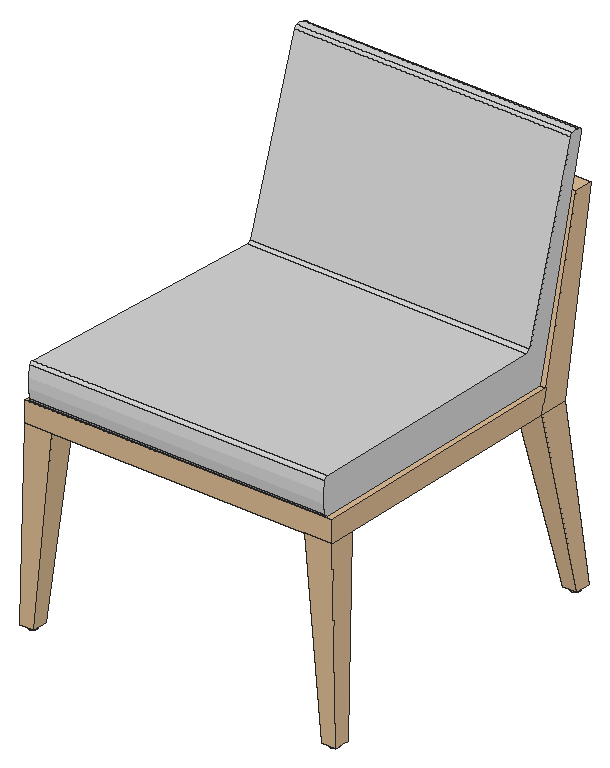
Revit family
Parameters
  Width = 1' - 9 1/2"  # constant formula
  URL = "http://elanbydecca.com/"
  Upholstery [instance] = Furniture - DECCA (Elan) - Rottet - Upholstery
  Base [instance] = Furniture - DECCA (Elan) - Rottet - Side Chair Base
  Product URL = "http://elanbydecca.com/PDFs/elan_tearsheet-rottet.pdf"
  Model = "LR SC750"
  Manufacturer = "Decca Contract"
  Height = 2' - 4 1/2"  # constant formula
  Description = "Rottet Side Chair"
  Depth = 1' - 11 179/256"  # constant formula
  Assembly Description = "Furniture & Accessories"
  Assembly Code = "E2020200"
Reference planes (in)
  plane 1 "Center Front/Back": y = -0.7524
  plane 2: z = 0
  plane 3 "Center Left/Right": x = 0
  plane 4 "L": x = -10.75
  plane 5 "R": x = 10.75
  plane 6 "F": y = -12.60201
  plane 7: y = 11.09721
  plane 8: through (-6.25338, 2.33237, 23.38953) normal (0.4297, -0.4297, 0.7941)
  plane 9: z = 28.5
  plane 10: z = 24.75
  plane 11: z = 17
  plane 12: x = -11.25
  plane 13: x = -10.40898
  plane 14: x = -9.40898
  plane 15: x = -10.11841
  plane 16: x = -8.21527
  plane 17: z = 0.25
  plane 18: z = 12.99161
  plane 19: z = 12.49132
  plane 20: x = 11.25
  plane 21: x = 10.40898
  plane 22: x = 9.40898
  plane 23: x = 10.11841
  plane 24: x = 8.21527
  plane 25: z = 25.02331
Forms (in)
  Blend 1, solid, material "Furniture - DECCA (Elan) - Rottet - Side Chair Base" <- "Base"
    base sketch origin (0, 0, 8.32075) x (0, -1, 0) y (1, 0, 0)
      loop
        line (-10.24054, -10.47625) -> (-9.24054, -10.47625) -> (-9.24054, -9.48874) -> (-10.24054, -9.48874) -> (-10.24054, -10.47625)
    top sketch origin (0, 0, 8.32075) x (0, -1, 0) y (1, 0, 0)
      loop
        line (-6.523, -8.28254) -> (-8.53951, -8.28254) -> (-8.53951, -10.18568) -> (-6.523, -10.18568) -> (-6.523, -8.28254)
    from -8.07075 to 4.17057
  Blend 2, solid, material "Furniture - DECCA (Elan) - Rottet - Side Chair Base" <- "Base"
    base sketch origin (0, 0, 16.66189) x (1, 0, 0) y (0, 1, 0)
      loop
        line (-9.94202, 11.09721) -> (-9.94202, 9.79926) -> (-8.28254, 9.79926) -> (-8.28254, 11.09721) -> (-9.94202, 11.09721)
    top sketch origin (0, 0, 16.66189) x (1, 0, 0) y (0, 1, 0)
      loop
        line (-8.28254, 6.523) -> (-8.28254, 8.53951) -> (-10.18568, 8.53951) -> (-10.18568, 6.523) -> (-8.28254, 6.523)
    from 8.36143 to -4.17057
  Blend 3, solid, material "Furniture - DECCA (Elan) - Rottet - Side Chair Base" <- "Base"
    base sketch origin (0, 0, 8.32075) x (0, 1, 0) y (-1, 0, 0)
      loop
        line (10.24054, -10.47625) -> (10.24054, -9.48874) -> (9.24054, -9.48874) -> (9.24054, -10.47625) -> (10.24054, -10.47625)
    top sketch origin (0, 0, 8.32075) x (0, 1, 0) y (-1, 0, 0)
      loop
        line (6.523, -8.28254) -> (6.523, -10.18568) -> (8.53951, -10.18568) -> (8.53951, -8.28254) -> (6.523, -8.28254)
    from -8.07075 to 4.17057
  Blend 4, solid, material "Furniture - DECCA (Elan) - Rottet - Side Chair Base" <- "Base"
    base sketch origin (0, 0, 16.66189) x (-1, 0, 0) y (0, -1, 0)
      loop
        line (-9.94202, -11.09721) -> (-8.28254, -11.09721) -> (-8.28254, -9.79926) -> (-9.94202, -9.79926) -> (-9.94202, -11.09721)
    top sketch origin (0, 0, 16.66189) x (-1, 0, 0) y (0, -1, 0)
      loop
        line (-8.28254, -6.523) -> (-10.18568, -6.523) -> (-10.18568, -8.53951) -> (-8.28254, -8.53951) -> (-8.28254, -6.523)
    from 8.36143 to -4.17057
  Extrusion 5, solid, material "Furniture - DECCA (Elan) - Rottet - Side Chair Base" <- "Base"
    sketch origin (8.28254, 10.44823, 25.02331) x (0, 1, 0) y (0, 0, -1)
      loop
        line (-3.92524, 12.532) -> (-0.64898, 0) -> (0.64898, 0) -> (-1.90872, 12.532) -> (-3.92524, 12.532)
    from 0 to 16.56507
  Blend 6, solid, material "Furniture - DECCA (Elan) - Rottet - Side Chair Base" <- "Base"
    base sketch origin (0, 0, 8.32075) x (0, -1, 0) y (1, 0, 0)
      loop
        line (12.60201, -11.06803) -> (12.60201, -10.08043) -> (11.60265, -10.08043) -> (11.60265, -11.06803) -> (12.60201, -11.06803)
    top sketch origin (0, 0, 8.32075) x (0, -1, 0) y (1, 0, 0)
      loop
        line (10.72917, -8.85947) -> (10.72917, -10.69226) -> (12.60201, -10.75) -> (12.60201, -8.85947) -> (10.72917, -8.85947)
    from -8.07075 to 4.67086
  Blend 7, solid, material "Furniture - DECCA (Elan) - Rottet - Side Chair Base" <- "Base"
    base sketch origin (0, 0, 8.32075) x (0, 1, 0) y (-1, 0, 0)
      loop
        line (-12.60201, -11.06803) -> (-11.60265, -11.06803) -> (-11.60265, -10.08043) -> (-12.60201, -10.08043) -> (-12.60201, -11.06803)
    top sketch origin (0, 0, 8.32075) x (0, 1, 0) y (-1, 0, 0)
      loop
        line (-10.72917, -8.85947) -> (-12.60201, -8.85947) -> (-12.60201, -10.75) -> (-10.72917, -10.69226) -> (-10.72917, -8.85947)
    from -8.07075 to 4.67086
  Extrusion 8, solid, material "Furniture - DECCA (Elan) - Rottet - Side Chair Base" <- "Base"
    sketch origin (0, 0, 0) x (0, 1, 0) y (0, 0, 1)
      loop
        line (-12.60201, 12.99161) -> (6.523, 12.49132) -> (6.91416, 13.98754) -> (-12.60201, 14.48767) -> (-12.60201, 12.99161)
    from -10.75 to 10.75
  Extrusion 9, void
    sketch origin (0, 0, 8.32075) x (0, -1, 0) y (1, 0, 0)
      loop
        line (12.60201, -10.75) -> (-11.09721, -10.03961) -> (-11.09721, -11.25) -> (12.60201, -11.25) -> (12.60201, -10.75)
      loop
        line (12.60201, 10.75) -> (12.60201, 11.25) -> (-11.09721, 11.25) -> (-11.09721, 10.03961) -> (12.60201, 10.75)
    from 4.17057 to 12
  Extrusion 10, solid, material "Furniture - DECCA (Elan) - Rottet - Upholstery" <- "Upholstery"
    sketch origin (0, 0, 0) x (0, 1, 0) y (0, 0, 1)
      loop
        line (6.91416, 13.98754) -> (10.64104, 28.24323)
        arc (10.64104, 28.24323) -> (10.60529, 28.44795) -> (10.4271, 28.5549) r 0.25
        arc (10.4271, 28.5549) -> (10.16201, 28.56471) -> (9.89843, 28.5348) r 1.77073
        arc (9.89843, 28.5348) -> (9.77964, 28.47657) -> (9.70719, 28.36588) r 0.25
        line (9.70719, 28.36588) -> (5.94929, 16.7041)
        arc (5.94929, 16.7041) -> (5.85593, 16.57683) -> (5.70493, 16.53085) r 0.25
        line (5.70493, 16.53085) -> (-12.41039, 16.99509)
        arc (-12.41039, 16.99509) -> (-12.56625, 16.94558) -> (-12.65816, 16.81031) r 0.25
        arc (-12.65816, 16.81031) -> (-12.79954, 15.73856) -> (-12.65539, 14.66718) r 4.09286
        arc (-12.65539, 14.66718) -> (-12.56849, 14.53623) -> (-12.4206, 14.48302) r 0.25
        line (-12.4206, 14.48302) -> (6.91416, 13.98754)
    from -10.75 to 10.75
  Extrusion 11, void
    sketch origin (0.29057, 0, 8.32075) x (0, -1, 0) y (1, 0, 0)
      loop
        line (13.59642, -10.65481) -> (-11.09721, -9.91461) -> (-11.09721, -12.17683) -> (13.59642, -12.17683) -> (13.59642, -10.65481)
      loop
        line (13.59642, 10.07367) -> (13.59642, 11.89802) -> (-11.09721, 11.89802) -> (-11.09721, 9.33348) -> (13.59642, 10.07367)
    from 4.17057 to 27.94524
  Extrusion 12, void
    sketch origin (0, 0, 0) x (0, 1, 0) y (0, 0, 1)
      loop
        line (-12.82027, 12.99732) -> (-10.57027, 12.93846) -> (-10.57027, 13.46848) -> (-12.82027, 13.46848) -> (-12.82027, 12.99732)
    from -12.52453 to 12
  Revolve 13, solid, material "Furniture - DECCA (Elan) - Rottet - Side Chair Base" <- "Base"
    sketch origin (0, -12.10233, 0) x (1, 0, 0) y (0, 0, 1)
      loop
        line (-10.57423, 0) -> (-10.57423, 0.25) -> (-10.88673, 0.25) -> (-10.88673, 0.09487)
        arc (-10.88673, 0.09487) -> (-10.85894, 0.02779) -> (-10.79186, 0) r 0.09487
        line (-10.79186, 0) -> (-10.57423, 0)
      axis (-10.57423, 0.25) -> (-10.57423, 0)
    angle from 0 to 360
  Revolve 14, solid, material "Furniture - DECCA (Elan) - Rottet - Side Chair Base" <- "Base"
    sketch origin (0, -12.10233, 0) x (-1, 0, 0) y (0, 0, 1)
      loop
        line (-10.57423, 0) -> (-10.57423, 0.25) -> (-10.88673, 0.25) -> (-10.88673, 0.09487)
        arc (-10.88673, 0.09487) -> (-10.85894, 0.02779) -> (-10.79186, 0) r 0.09487
        line (-10.79186, 0) -> (-10.57423, 0)
      axis (-10.57423, 0.25) -> (-10.57423, 0)
    angle from 0 to 360
  Revolve 15, solid, material "Furniture - DECCA (Elan) - Rottet - Side Chair Base" <- "Base"
    sketch origin (0.59174, 9.74054, 0) x (1, 0, 0) y (0, 0, 1)
      loop
        line (-10.57423, 0) -> (-10.57423, 0.25) -> (-10.88673, 0.25) -> (-10.88673, 0.09487)
        arc (-10.88673, 0.09487) -> (-10.85894, 0.02779) -> (-10.79186, 0) r 0.09487
        line (-10.79186, 0) -> (-10.57423, 0)
      axis (-10.57423, 0.25) -> (-10.57423, 0)
    angle from 0 to 360
  Revolve 16, solid, material "Furniture - DECCA (Elan) - Rottet - Side Chair Base" <- "Base"
    sketch origin (-0.59174, 9.74054, 0) x (-1, 0, 0) y (0, 0, 1)
      loop
        line (-10.57423, 0) -> (-10.57423, 0.25) -> (-10.88673, 0.25) -> (-10.88673, 0.09487)
        arc (-10.88673, 0.09487) -> (-10.85894, 0.02779) -> (-10.79186, 0) r 0.09487
        line (-10.79186, 0) -> (-10.57423, 0)
      axis (-10.57423, 0.25) -> (-10.57423, 0)
    angle from 0 to 360
Cuts and joins
  Extrusion 9 cuts Extrusion 5
  joined: Blend 2, Blend 4, Extrusion 5
  Extrusion 9 cuts Blend 1
  joined: Blend 1, Revolve 15
  Extrusion 9 cuts Extrusion 8
  Extrusion 11 cuts Blend 3
  joined: Blend 3, Revolve 16
  Extrusion 11 cuts Extrusion 10
  Extrusion 12 cuts Blend 7
  joined: Blend 7, Revolve 14
  Extrusion 12 cuts Blend 6
  joined: Blend 6, Revolve 13
Dimensions and locks (in)
  equal spacing: plane 4 "L", plane 3 "Center Left/Right", plane 5 "R"
  equal spacing: plane 7, plane 1 "Center Front/Back", plane 6 "F"
  "Width": plane 4 "L" to plane 5 "R"
  "Depth": plane 7 to plane 6 "F"
  "Height": plane 9 to level
  plane 10 to level = 2' - 0 3/4"
  plane 11 to level = 1' - 5"
  locked: plane 12 to plane 4 "L" at 0.5
  plane 4 "L" to plane 13 to plane 15 to plane 14 to plane 16 = 0' - 0.34102" locked, 0' - 0.29057" locked, 0' - 0.70943" locked, 0' - 1.19371" locked
  locked: plane 18 to level at 12.99161
  locked: plane 19 to level at 12.49132
  plane 21 to plane 23 to plane 22 to plane 24 = 0' - 0.29057" locked, 0' - 0.70943" locked, 0' - 1.19371" locked
  locked: plane 5 "R" to plane 20 at 0.5
Automatic sketch dimensions
  Blend 1 sketch curve to plane 14 = 0' - 0.07976"
  Blend 1 sketch curve to plane 7 = 0' - 0.85667"
  Blend 1 sketch curve to plane 13 = 0' - 0.06726"
  Blend 1 sketch curve to Blend 1 sketch curve = 0' - 1"
  Blend 1 sketch curve to plane 16 = 0' - 0.06726"
  Blend 1 sketch curve to plane 7 = 0' - 2.5577"
  Blend 1 sketch curve to Blend 1 sketch curve = 0' - 2.01651"
  Blend 1 sketch curve to plane 15 = 0' - 0.06727"
  Blend 2 sketch curve to plane 7 = 0' - 0"
  plane 15 to Blend 2 sketch curve = 0' - 0.17639"
  Blend 2 sketch curve to plane 16 = 0' - 0.06726"  (x2)
  Blend 2 sketch curve to Blend 2 sketch curve = 0' - 1.29795"
  Blend 2 sketch curve to plane 15 = 0' - 0.06727"
  Blend 2 sketch curve to plane 7 = 0' - 4 147/256"
  Blend 2 sketch curve to Blend 2 sketch curve = 0' - 2.01651"
  Blend 3 sketch curve to plane 21 = 0' - 0.06726"
  Blend 3 sketch curve to plane 7 = 0' - 1.85667"
  Blend 3 sketch curve to plane 7 = 0' - 0.85667"
  Blend 3 sketch curve to plane 22 = 0' - 0.07976"
  Blend 3 sketch curve to plane 23 = 0' - 0.06727"
  Blend 3 sketch curve to plane 7 = 0' - 4 147/256"
  Blend 3 sketch curve to plane 24 = 0' - 0.06726"
  Blend 3 sketch curve to Blend 3 sketch curve = 0' - 2.01651"
  Blend 4 sketch curve to plane 7 = 0' - 0"
  plane 23 to Blend 4 sketch curve = 0' - 0.17639"
  Blend 4 sketch curve to plane 24 = 0' - 0.06726"  (x2)
  Blend 4 sketch curve to Blend 4 sketch curve = 0' - 1.29795"
  Blend 4 sketch curve to plane 23 = 0' - 0.06727"
  Blend 4 sketch curve to plane 7 = 0' - 2.5577"
  Blend 4 sketch curve to Blend 4 sketch curve = 0' - 2.01651"
  Extrusion 5 sketch curve to Blend 4 = 0' - 0"  (x4)
  Blend 4 to Extrusion 5 sketch curve = 0' - 0"  (x2)
  Blend 6 sketch curve to plane 6 "F" = 0' - 0"  (x2)
  plane 15 to Blend 6 sketch curve = 0' - 0.03798"
  plane 6 "F" to Blend 6 sketch curve = 0' - 0.99936"
  plane 12 to Blend 6 sketch curve = 0' - 0.18197"
  Blend 6 sketch curve to plane 4 "L" = 0' - 0"
  plane 14 to Blend 6 sketch curve = 0' - 0.54952"
  plane 6 "F" to Blend 6 sketch curve = 0' - 1.87284"
  plane 4 "L" to Blend 6 sketch curve = 0' - 0.05774"
  Blend 7 sketch curve to plane 6 "F" = 0' - 0"  (x2)
  plane 20 to Blend 7 sketch curve = 0' - 0.18197"
  plane 6 "F" to Blend 7 sketch curve = 0' - 0.99936"
  plane 23 to Blend 7 sketch curve = 0' - 0.03798"
  Blend 7 sketch curve to plane 5 "R" = 0' - 0"
  plane 22 to Blend 7 sketch curve = 0' - 0.54952"
  plane 6 "F" to Blend 7 sketch curve = 0' - 1.87284"
  plane 5 "R" to Blend 7 sketch curve = 0' - 0.05774"
  Extrusion 8 sketch curve to plane 6 "F" = 0' - 0"
  Extrusion 8 sketch curve to plane 19 = 0' - 0"
  Extrusion 8 sketch curve to plane 18 = 0' - 0"
  Extrusion 8 sketch curve to plane 7 = 0' - 4 147/256"
  plane 18 to Extrusion 8 sketch curve = 0' - 0.99593"
  Extrusion 8 sketch curve to Extrusion 8 sketch curve = 0' - 0.39116"
  plane 18 to Extrusion 8 sketch curve = 0' - 1.49607"
  Extrusion 9 sketch curve to plane 7 = 0' - 0"  (x2)
  Extrusion 9 sketch curve to plane 6 "F" = 0' - 0"  (x2)
  Extrusion 9 sketch curve to plane 12 = 0' - 0"
  Extrusion 9 sketch curve to plane 4 "L" = 0' - 0"
  Extrusion 9 sketch curve to plane 5 "R" = 0' - 0"
  Extrusion 9 sketch curve to plane 20 = 0' - 0"
  plane 15 to Extrusion 9 sketch curve = 0' - 0.0788"
  plane 23 to Extrusion 9 sketch curve = 0' - 0.0788"
  Extrusion 10 sketch curve to plane 6 "F" = 0' - 0.05615"
  Extrusion 10 sketch curve to Extrusion 10 sketch curve = 0' - 0"  (x4)
  Extrusion 10 sketch curve to plane 6 "F" = 0' - 0.05338"
  plane 6 "F" to Extrusion 10 sketch curve = 0' - 0.18141"
  plane 6 "F" to Extrusion 10 sketch curve = 0' - 0.18522"
  plane 6 "F" to Extrusion 10 sketch curve = 0' - 0.18781"
  Extrusion 10 sketch curve to plane 11 = 0' - 0.00491"
  plane 6 "F" to Extrusion 10 sketch curve = 0' - 0.19162"
  Extrusion 10 sketch curve to Extrusion 10 sketch curve = 0' - 3.70752"
  Extrusion 10 sketch curve to plane 11 = 0' - 0.46915"
  Extrusion 10 sketch curve to plane 7 = 0' - 5.39228"
  Extrusion 10 sketch curve to Extrusion 10 sketch curve = 0' - 0.0064"
  Extrusion 10 sketch curve to plane 11 = 0' - 0.2959"
  Extrusion 10 sketch curve to Extrusion 10 sketch curve = 0' - 0.23795"
  plane 18 to Extrusion 10 sketch curve = 0' - 0.99593"
  Extrusion 10 sketch curve to Extrusion 10 sketch curve = 0' - 1.20922"
  Extrusion 10 sketch curve to plane 9 = 0' - 0.13412"
  Extrusion 10 sketch curve to plane 7 = 0' - 1.39002"
  plane 9 to Extrusion 10 sketch curve = 0' - 0.0348"
  Extrusion 10 sketch curve to Extrusion 10 sketch curve = 0' - 0.19124"
  Extrusion 10 sketch curve to Extrusion 10 sketch curve = 0' - 0.04671"
  Extrusion 10 sketch curve to plane 7 = 0' - 0.86792"
  Extrusion 10 sketch curve to plane 9 = 0' - 0.19353"
  Extrusion 10 sketch curve to Extrusion 10 sketch curve = 0' - 0.45403"
  Extrusion 10 sketch curve to Extrusion 10 sketch curve = 0' - 0.24187"
  plane 18 to Extrusion 10 sketch curve = 0' - 1.49142"
  Extrusion 11 sketch curve to plane 7 = 0' - 0"  (x2)
  Extrusion 11 sketch curve to plane 6 "F" = 0' - 0.99441"  (x2)
  Extrusion 11 sketch curve to plane 12 = 0' - 0.63626"
  plane 13 to Extrusion 11 sketch curve = 0' - 0.04474"
  Extrusion 11 sketch curve to plane 14 = 0' - 0.21506"
  Extrusion 11 sketch curve to plane 22 = 0' - 0.21506"
  plane 21 to Extrusion 11 sketch curve = 0' - 0.04474"
  Extrusion 11 sketch curve to plane 20 = 0' - 0.93859"
  plane 18 to Extrusion 12 sketch curve = 0' - 0.00571"
  Extrusion 12 sketch curve to plane 6 "F" = 0' - 0.21826"
  plane 18 to Extrusion 12 sketch curve = 0' - 0.47688"
  plane 6 "F" to Extrusion 12 sketch curve = 0' - 2.03174"
  Extrusion 12 sketch curve to plane 18 = 0' - 0.05315"
  Revolve 13 sketch curve to plane 17 = 0' - 0"  (x2)
  Revolve 13 sketch curve to level = 0' - 0"  (x2)
  plane 4 "L" to Revolve 13 sketch curve = 0' - 0 35/256"
  plane 4 "L" to Revolve 13 sketch curve = 0' - 0.04186"
  plane 13 to Revolve 13 sketch curve = 0' - 0.16525"
  Revolve 13 sketch curve to Revolve 13 sketch curve = 0' - 0"
  Revolve 14 sketch curve to plane 17 = 0' - 0"  (x2)
  Revolve 14 sketch curve to level = 0' - 0"  (x2)
  Revolve 14 sketch curve to plane 5 "R" = 0' - 0 35/256"
  Revolve 14 sketch curve to plane 5 "R" = 0' - 0.04186"
  Revolve 14 sketch curve to plane 21 = 0' - 0.16525"
  Revolve 14 sketch curve to Revolve 14 sketch curve = 0' - 0"
  Revolve 15 sketch curve to plane 17 = 0' - 0"  (x2)
  Revolve 15 sketch curve to level = 0' - 0"  (x2)
  Revolve 15 sketch curve to plane 13 = 0' - 0.11399"
  plane 15 to Revolve 15 sketch curve = 0' - 0.08171"
  Revolve 15 sketch curve to plane 15 = 0' - 0.13592"
  Revolve 15 sketch curve to Revolve 15 sketch curve = 0' - 0"
  Revolve 16 sketch curve to plane 17 = 0' - 0"  (x2)
  Revolve 16 sketch curve to level = 0' - 0"  (x2)
  plane 21 to Revolve 16 sketch curve = 0' - 0.11399"
  Revolve 16 sketch curve to plane 23 = 0' - 0.08171"
  plane 23 to Revolve 16 sketch curve = 0' - 0.13592"
  Revolve 16 sketch curve to Revolve 16 sketch curve = 0' - 0"
